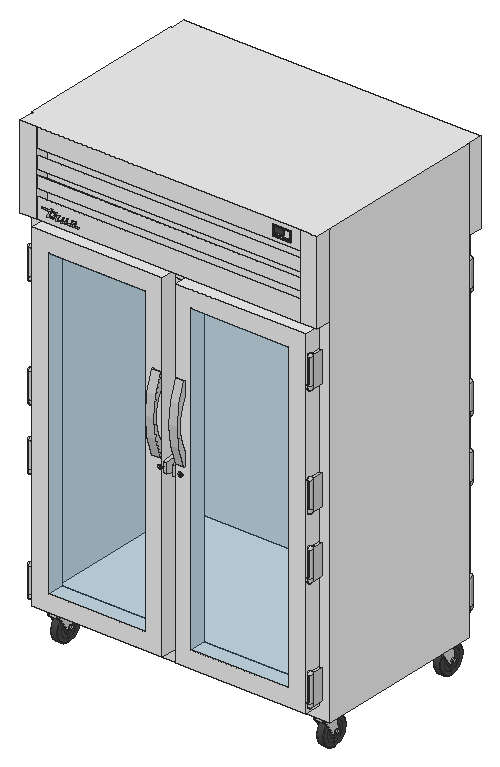
Revit family (continued)
Lines and regions (in)
  symbolic lines
    curve 1: line (0, 0, 0) -> (52.625, 0, 0)
    curve 2: line (0, -36.125, 0) -> (0, 0, 0)
    curve 3: line (52.625, -36.125, 0) -> (0, -36.125, 0)
    curve 4: line (52.625, 0, 0) -> (52.625, -36.125, 0)
    curve 5: line (52.625, -33.875, 0) -> (0, -33.875, 0)
    curve 26: line (23.51925, -37.76905, 0) -> (23.51925, -36.125, 0)
    curve 27: line (23.51925, -37.76905, 0) -> (25.01925, -37.76905, 0)
    curve 28: line (25.01925, -36.125, 0) -> (25.01925, -37.76905, 0)
    curve 29: line (29.18388, -37.76905, 0) -> (29.18388, -36.125, 0)
    curve 30: line (29.18388, -37.76905, 0) -> (27.68388, -37.76905, 0)
    curve 31: line (27.68388, -36.125, 0) -> (27.68388, -37.76905, 0)
    curve 32: arc (20.275, 0.2, 0) -> (13.70938, 1.55018, 0) -> (7.14375, 0.2, 0) r 16.63863
    curve 33: line (20.275, 0, 0) -> (20.275, 0.2, 0)
    curve 34: line (7.14375, 0.2, 0) -> (7.14375, 0, 0)
    curve 35: arc (9.54375, 0, 0) -> (13.70938, 1.04513, 0) -> (17.875, 0, 0) r 8.82412
    curve 36: arc (32.2875, 0.2, 0) -> (39.0875, 1.64405, 0) -> (45.8875, 0.2, 0) r 16.7325
    curve 37: line (32.2875, 0, 0) -> (32.2875, 0.2, 0)
    curve 38: line (45.8875, 0.2, 0) -> (45.8875, 0, 0)
    curve 39: arc (43.4875, 0, 0) -> (39.0875, 1.15816, 0) -> (34.6875, 0, 0) r 8.93715
    curve 44: line (52.625, -2.25, 0) -> (0, -2.25, 0)
  symbolic lines, style "SpecialityEquipmentHiddenLines", visible <- "Show Casters"
    curve 6: line (3.60602, -26.67571, 0) -> (5.06131, -27.42571, 0)
    curve 7: line (1.20097, -31.34243, 0) -> (3.60602, -26.67571, 0)
    curve 8: line (2.65626, -32.09243, 0) -> (1.20097, -31.34243, 0)
    curve 9: line (5.06131, -27.42571, 0) -> (2.65626, -32.09243, 0)
    curve 10: line (3.98222, -3.1708, 0) -> (5.43751, -4.09689, 0)
    curve 11: line (1.20097, -7.54134, 0) -> (3.98222, -3.1708, 0)
    curve 12: line (2.65626, -8.46743, 0) -> (1.20097, -7.54134, 0)
    curve 13: line (5.43751, -4.09689, 0) -> (2.65626, -8.46743, 0)
    curve 14: line (50.00722, -3.1708, 0) -> (51.30626, -3.9208, 0)
    curve 15: line (47.38222, -7.71743, 0) -> (50.00722, -3.1708, 0)
    curve 16: line (48.68126, -8.46743, 0) -> (47.38222, -7.71743, 0)
    curve 17: line (51.30626, -3.9208, 0) -> (48.68126, -8.46743, 0)
    curve 18: line (50.00722, -26.89987, 0) -> (51.30626, -27.64987, 0)
    curve 19: line (47.38222, -31.44651, 0) -> (50.00722, -26.89987, 0)
    curve 20: line (48.68126, -32.19651, 0) -> (47.38222, -31.44651, 0)
    curve 21: line (51.30626, -27.64987, 0) -> (48.68126, -32.19651, 0)
  symbolic lines, style "QF-Door Swings", visible <- "Show Clearance", detail levels coarse
    curve 22: line (50.53125, -36.125, 0) -> (50.53125, -59.0625, 0)
    curve 23: arc (50.53125, -59.0625, 0) -> (34.31199, -52.34426, 0) -> (27.59375, -36.125, 0) r 22.9375
    curve 24: line (2.25, -36.125, 0) -> (2.25, -59.0625, 0)
    curve 25: arc (2.25, -59.0625, 0) -> (18.46926, -52.34426, 0) -> (25.1875, -36.125, 0) r 22.9375
    curve 40: line (50.53125, 0, 0) -> (50.53125, 22.9375, 0)
    curve 41: arc (50.53125, 22.9375, 0) -> (34.31199, 16.21926, 0) -> (27.59375, 0, 0) r 22.9375
    curve 42: line (2.25, 0, 0) -> (2.25, 22.9375, 0)
    curve 43: arc (2.25, 22.9375, 0) -> (18.46926, 16.21926, 0) -> (25.1875, 0, 0) r 22.9375
Dimensions and locks (in)
  "Depth": plane 5 "FRONT" to plane 1 "BACK"
  plane 7 to level = 6 1/8"
  plane 6 "TOP" to level = 84 1/8"
  plane 6 "TOP" to plane 7 = 78"
  Extrusion 6 to plane 1 "BACK" = 36 1/8"
  "Length": plane 3 "LEFT" to plane 4 "RIGHT"
  plane 4 "RIGHT" to plane 10 to plane 9 to plane 3 "LEFT" = 2 11/16", 46 15/16", 3"
  plane 4 "RIGHT" to plane 3 "LEFT" = 52 5/8"  (x3)
  Extrusion 6 to Extrusion 6 to plane 3 "LEFT" = 22 15/16", 2 1/4"
  plane 4 "RIGHT" to Extrusion 6 to Extrusion 6 = 2 3/32", 22 15/16"
  Extrusion 6 to plane 7 = 1 29/32"
  cut or joined group of Extrusion 1, Extrusion 2, Extrusion 3, Extrusion 4, Extrusion 5 to Extrusion 6 = 1 17/32"
  equal spacing: plane 3 "LEFT", plane 12, plane 4 "RIGHT"
  equal spacing: plane 1 "BACK", plane 14, plane 5 "FRONT"
  cut or joined group of Extrusion 1, Extrusion 2, Extrusion 3, Extrusion 4, Extrusion 5 to cut or joined group of Extrusion 1, Extrusion 2, Extrusion 3, Extrusion 4, Extrusion 5 = 52 15/32"
  Extrusion 64 to Extrusion 64 = 22 15/16"  (x2)
  locked: Extrusion 64 to Extrusion 92 at 29.21875
  locked: Extrusion 92 to Extrusion 64 at 29.21875
  locked: Extrusion 93 to Extrusion 64 at 29.15625
  locked: Extrusion 64 to Extrusion 93 at 29.28125
  aligned and locked: level to plane 2
Automatic sketch dimensions
  Extrusion 1 sketch curve to plane 3 "LEFT" = 0"
  Extrusion 1 sketch curve to plane 9 = 19/32"
  Extrusion 1 sketch curve to plane 5 "FRONT" = 2 3/4"
  plane 1 "BACK" to Extrusion 1 sketch curve = 2 3/4"
  Extrusion 2 sketch curve to plane 4 "RIGHT" = 0"
  plane 10 to Extrusion 2 sketch curve = 7/16"
  Extrusion 2 sketch curve to plane 5 "FRONT" = 2 3/4"
  plane 1 "BACK" to Extrusion 2 sketch curve = 2 3/4"
  Extrusion 3 sketch curve to plane 11 = 0"  (x4)
  Extrusion 3 sketch curve to plane 13 = 0"  (x4)
  Extrusion 3 sketch curve to plane 6 "TOP" = 0"
  plane 11 to Extrusion 3 sketch curve = 2.2042"
  Extrusion 3 sketch curve to Extrusion 3 sketch curve = 0"  (x3)
  Extrusion 3 sketch curve to plane 7 = 0"
  plane 11 to Extrusion 3 sketch curve = 2.7042"  (x2)
  plane 13 to Extrusion 3 sketch curve = 2.7042"  (x2)
  plane 13 to Extrusion 3 sketch curve = 2.2042"  (x2)
  plane 7 to Extrusion 3 sketch curve = 2 29/32"
  Extrusion 3 sketch curve to plane 6 "TOP" = 17 5/32"
  Extrusion 3 sketch curve to Extrusion 3 sketch curve = 2 17/32"  (x2)
  Extrusion 3 sketch curve to Extrusion 3 sketch curve = 2 1/8"  (x2)
  Extrusion 3 sketch curve to Extrusion 3 sketch curve = 1.27557"  (x4)
  Extrusion 3 sketch curve to Extrusion 3 sketch curve = 0.29169"  (x2)
  Extrusion 3 sketch curve to Extrusion 3 sketch curve = 2.0962"  (x4)
  Extrusion 3 sketch curve to Extrusion 3 sketch curve = 0.96076"  (x4)
  Extrusion 3 sketch curve to Extrusion 3 sketch curve = 2.13371"  (x4)
  Extrusion 3 sketch curve to Extrusion 3 sketch curve = 1.12227"  (x4)
  plane 1 "BACK" to Extrusion 4 sketch curve = 0"
  plane 5 "FRONT" to Extrusion 4 sketch curve = 0"
  Extrusion 4 sketch curve to plane 10 = 0.27718"  (x2)
  Extrusion 4 sketch curve to plane 4 "RIGHT" = 5/64"
  Extrusion 4 sketch curve to plane 4 "RIGHT" = 0.15218"
  Extrusion 4 sketch curve to plane 5 "FRONT" = 2 3/4"
  Extrusion 4 sketch curve to Extrusion 4 sketch curve = 2 3/4"
  plane 1 "BACK" to Extrusion 5 sketch curve = 0"
  plane 5 "FRONT" to Extrusion 5 sketch curve = 0"
  plane 3 "LEFT" to Extrusion 5 sketch curve = 0.11609"
  plane 3 "LEFT" to Extrusion 5 sketch curve = 5/64"
  plane 9 to Extrusion 5 sketch curve = 0.08484"  (x2)
  Extrusion 5 sketch curve to plane 5 "FRONT" = 2 3/4"
  Extrusion 5 sketch curve to Extrusion 5 sketch curve = 2 3/4"
  Extrusion 6 sketch curve to plane 9 = 3/4"
  plane 9 to Extrusion 6 sketch curve = 2 1/4"
  Extrusion 6 sketch curve to plane 10 = 2 13/32"
  plane 10 to Extrusion 6 sketch curve = 19/32"
  plane 7 to Extrusion 6 sketch curve = 1 29/32"  (x2)
  Extrusion 6 sketch curve to Extrusion 6 sketch curve = 3"  (x3)
  Extrusion 6 sketch curve to plane 6 "TOP" = 19 5/32"  (x2)
  Extrusion 6 sketch curve to Extrusion 6 sketch curve = 0"
  Extrusion 7 sketch curve to plane 12 = 1 125/256"
  Extrusion 7 sketch curve to Extrusion 7 sketch curve = 9/256"
  Extrusion 7 sketch curve to Extrusion 7 sketch curve = 0.0555"  (x2)
  Extrusion 7 sketch curve to plane 8 = 2.0734"
  Extrusion 7 sketch curve to Extrusion 7 sketch curve = 0.02035"
  plane 7 to Extrusion 7 sketch curve = 31.64395"
  Extrusion 7 sketch curve to Extrusion 7 sketch curve = 0"
  Extrusion 7 sketch curve to Extrusion 7 sketch curve = 0.29355"  (x2)
  Extrusion 7 sketch curve to Extrusion 7 sketch curve = 0.27385"  (x2)
  plane 9 to Extrusion 8 sketch curve = 0.84582"
  Extrusion 8 sketch curve to Extrusion 8 sketch curve = 0.10565"  (x5)
  Extrusion 8 sketch curve to Extrusion 8 sketch curve = 1.03891"
  Extrusion 8 sketch curve to Extrusion 8 sketch curve = 0.04606"
  Extrusion 8 sketch curve to Extrusion 8 sketch curve = 0.04025"
  Extrusion 8 sketch curve to Extrusion 8 sketch curve = 0.33624"
  Extrusion 8 sketch curve to Extrusion 8 sketch curve = 0.03034"  (x2)
  Extrusion 8 sketch curve to Extrusion 8 sketch curve = 0.29274"
  Extrusion 8 sketch curve to Extrusion 8 sketch curve = 0.03232"
  Extrusion 8 sketch curve to Extrusion 8 sketch curve = 0.08083"
  Extrusion 8 sketch curve to Extrusion 8 sketch curve = 0.1527"
  Extrusion 8 sketch curve to Extrusion 8 sketch curve = 0.19721"
  Extrusion 8 sketch curve to Extrusion 8 sketch curve = 0.4629"
  Extrusion 8 sketch curve to Extrusion 8 sketch curve = 0.02197"
  Extrusion 8 sketch curve to Extrusion 8 sketch curve = 0.12632"
  Extrusion 8 sketch curve to Extrusion 8 sketch curve = 0.18591"
  Extrusion 8 sketch curve to Extrusion 8 sketch curve = 0.2322"
  Extrusion 8 sketch curve to Extrusion 8 sketch curve = 0.13786"
  Extrusion 8 sketch curve to Extrusion 8 sketch curve = 0.00907"
  Extrusion 8 sketch curve to Extrusion 8 sketch curve = 0.01413"
  Extrusion 8 sketch curve to Extrusion 8 sketch curve = 0.37162"
  Extrusion 8 sketch curve to Extrusion 8 sketch curve = 0.12551"
  Extrusion 8 sketch curve to Extrusion 8 sketch curve = 0.07633"
  Extrusion 8 sketch curve to Extrusion 8 sketch curve = 0.08445"
  Extrusion 8 sketch curve to Extrusion 8 sketch curve = 0.25598"
  Extrusion 8 sketch curve to Extrusion 8 sketch curve = 0.01887"
  Extrusion 8 sketch curve to Extrusion 8 sketch curve = 0.04061"
  Extrusion 8 sketch curve to Extrusion 8 sketch curve = 0.0653"
  Extrusion 8 sketch curve to Extrusion 8 sketch curve = 0.08474"
  Extrusion 8 sketch curve to Extrusion 8 sketch curve = 0.00815"
  Extrusion 8 sketch curve to Extrusion 8 sketch curve = 0.22037"
  Extrusion 8 sketch curve to Extrusion 8 sketch curve = 0.21921"
  Extrusion 8 sketch curve to Extrusion 8 sketch curve = 0.11572"
  Extrusion 8 sketch curve to Extrusion 8 sketch curve = 0.46643"
  Extrusion 8 sketch curve to Extrusion 8 sketch curve = 0.00535"
  Extrusion 8 sketch curve to Extrusion 8 sketch curve = 0.09269"
  Extrusion 8 sketch curve to Extrusion 8 sketch curve = 0.09348"
  Extrusion 8 sketch curve to Extrusion 8 sketch curve = 0.14812"
  Extrusion 8 sketch curve to Extrusion 8 sketch curve = 0.07778"  (x3)
  Extrusion 8 sketch curve to Extrusion 8 sketch curve = 0.20054"
  Extrusion 8 sketch curve to Extrusion 8 sketch curve = 0.04325"
  Extrusion 8 sketch curve to Extrusion 8 sketch curve = 0.32433"
  Extrusion 8 sketch curve to Extrusion 8 sketch curve = 0.10233"  (x2)
  Extrusion 8 sketch curve to Extrusion 8 sketch curve = 0.16515"
  Extrusion 8 sketch curve to Extrusion 8 sketch curve = 0.27321"
  Extrusion 8 sketch curve to Extrusion 8 sketch curve = 0.0526"
  Extrusion 8 sketch curve to Extrusion 8 sketch curve = 0.10005"
  Extrusion 8 sketch curve to Extrusion 8 sketch curve = 0.06912"
  Extrusion 8 sketch curve to Extrusion 8 sketch curve = 0.13276"
  Extrusion 8 sketch curve to Extrusion 8 sketch curve = 0.17486"
  Extrusion 8 sketch curve to Extrusion 8 sketch curve = 0.05291"
  Extrusion 8 sketch curve to Extrusion 8 sketch curve = 0.53374"
  Extrusion 8 sketch curve to Extrusion 8 sketch curve = 0.09914"  (x2)
  Extrusion 8 sketch curve to Extrusion 8 sketch curve = 0.15992"
  Extrusion 8 sketch curve to Extrusion 8 sketch curve = 0.46666"
  Extrusion 8 sketch curve to Extrusion 8 sketch curve = 0.00582"
  Extrusion 8 sketch curve to Extrusion 8 sketch curve = 0.08216"
  Extrusion 8 sketch curve to Extrusion 8 sketch curve = 0.16397"
  Extrusion 8 sketch curve to Extrusion 8 sketch curve = 0.12601"
  Extrusion 8 sketch curve to Extrusion 8 sketch curve = 0.1363"
  Extrusion 8 sketch curve to Extrusion 8 sketch curve = 0.02323"
  Extrusion 8 sketch curve to Extrusion 8 sketch curve = 0.03844"
  Extrusion 8 sketch curve to Extrusion 8 sketch curve = 0.0454"
  Extrusion 8 sketch curve to Extrusion 8 sketch curve = 0.05693"
  Extrusion 8 sketch curve to Extrusion 8 sketch curve = 0.0917"
  Extrusion 8 sketch curve to Extrusion 8 sketch curve = 0.01902"
  Extrusion 8 sketch curve to Extrusion 8 sketch curve = 0.02191"
  Extrusion 8 sketch curve to Extrusion 8 sketch curve = 0.0347"
  Extrusion 8 sketch curve to Extrusion 8 sketch curve = 0.06385"
  Extrusion 8 sketch curve to Extrusion 8 sketch curve = 0.02906"
  Extrusion 8 sketch curve to Extrusion 8 sketch curve = 0.02851"
  Extrusion 8 sketch curve to Extrusion 8 sketch curve = 0.29237"
  Extrusion 8 sketch curve to Extrusion 8 sketch curve = 0.00537"
  Extrusion 8 sketch curve to Extrusion 8 sketch curve = 0.0406"
  Extrusion 8 sketch curve to Extrusion 8 sketch curve = 0.04327"
  Extrusion 8 sketch curve to Extrusion 8 sketch curve = 0.02615"
  Extrusion 8 sketch curve to Extrusion 8 sketch curve = 0.11806"
  Extrusion 8 sketch curve to Extrusion 8 sketch curve = 0.15103"
  Extrusion 8 sketch curve to Extrusion 8 sketch curve = 0.10007"
  Extrusion 8 sketch curve to Extrusion 8 sketch curve = 0.5254"
  Extrusion 8 sketch curve to Extrusion 8 sketch curve = 0.14787"
  Extrusion 8 sketch curve to plane 6 "TOP" = 13.64562"
  Extrusion 8 sketch curve to Extrusion 8 sketch curve = 0.07275"
  Extrusion 8 sketch curve to Extrusion 8 sketch curve = 0.05776"
  Extrusion 8 sketch curve to Extrusion 8 sketch curve = 0.08631"
  Extrusion 8 sketch curve to Extrusion 8 sketch curve = 0.09282"
  Extrusion 8 sketch curve to Extrusion 8 sketch curve = 0.13018"
  Extrusion 8 sketch curve to Extrusion 8 sketch curve = 0.16714"
  Extrusion 8 sketch curve to Extrusion 8 sketch curve = 0.11061"
  Extrusion 8 sketch curve to Extrusion 8 sketch curve = 0.06046"
  Extrusion 8 sketch curve to Extrusion 8 sketch curve = 0.16548"
  Extrusion 8 sketch curve to Extrusion 8 sketch curve = 0.14279"
  Extrusion 8 sketch curve to Extrusion 8 sketch curve = 0.0496"
  Extrusion 8 sketch curve to Extrusion 8 sketch curve = 0.07293"
  Extrusion 8 sketch curve to Extrusion 8 sketch curve = 0.07764"
  Extrusion 8 sketch curve to Extrusion 8 sketch curve = 0.03794"
  Extrusion 8 sketch curve to Extrusion 8 sketch curve = 0.08552"
  Extrusion 8 sketch curve to Extrusion 8 sketch curve = 0.09296"
  Extrusion 8 sketch curve to Extrusion 8 sketch curve = 0.09314"
  Extrusion 8 sketch curve to Extrusion 8 sketch curve = 0.02781"
  Extrusion 8 sketch curve to Extrusion 8 sketch curve = 0.04981"
  Extrusion 8 sketch curve to Extrusion 8 sketch curve = 0.09315"
  Extrusion 8 sketch curve to Extrusion 8 sketch curve = 0.04799"
  Extrusion 8 sketch curve to Extrusion 8 sketch curve = 0.02531"
  Extrusion 8 sketch curve to Extrusion 8 sketch curve = 0.03054"
  Extrusion 8 sketch curve to Extrusion 8 sketch curve = 0.2589"
  Extrusion 8 sketch curve to Extrusion 8 sketch curve = 0.0674"
  Extrusion 8 sketch curve to Extrusion 8 sketch curve = 0.0324"
  Extrusion 8 sketch curve to Extrusion 8 sketch curve = 0.26185"
  Extrusion 8 sketch curve to Extrusion 8 sketch curve = 11/256"
  Extrusion 8 sketch curve to Extrusion 8 sketch curve = 0.07366"
  Extrusion 8 sketch curve to Extrusion 8 sketch curve = 0.02187"
  Extrusion 8 sketch curve to Extrusion 8 sketch curve = 0.06479"
  Extrusion 8 sketch curve to Extrusion 8 sketch curve = 0.01183"
  Extrusion 8 sketch curve to Extrusion 8 sketch curve = 0.05778"
  Extrusion 8 sketch curve to Extrusion 8 sketch curve = 0.53375"
  Extrusion 8 sketch curve to Extrusion 8 sketch curve = 0.23098"
  Extrusion 8 sketch curve to Extrusion 8 sketch curve = 0"
  Extrusion 8 sketch curve to Extrusion 8 sketch curve = 0.05045"
  Extrusion 8 sketch curve to Extrusion 8 sketch curve = 0.09139"
  Extrusion 8 sketch curve to Extrusion 8 sketch curve = 29/128"  (x3)
  Extrusion 9 sketch curve to plane 10 = 13/32"
  Extrusion 9 sketch curve to plane 6 "TOP" = 2 1/8"
  plane 5 "FRONT" to Extrusion 10 sketch curve = 0.2"  (x2)
  plane 5 "FRONT" to Extrusion 10 sketch curve = 0"  (x2)
  Extrusion 10 sketch curve to plane 5 "FRONT" = 7.77899"
  Extrusion 10 sketch curve to plane 14 = 2.97406"
  Extrusion 10 sketch curve to plane 6 "TOP" = 30.96833"
  Extrusion 10 sketch curve to Extrusion 10 sketch curve = 2.4"
  Extrusion 10 sketch curve to Extrusion 10 sketch curve = 4.4"
  Extrusion 10 sketch curve to Extrusion 10 sketch curve = 0"
  Blend 11 sketch curve to plane 12 = 1 1/8"  (x2)
  Blend 11 sketch curve to plane 12 = 3/8"
  plane 7 to Blend 11 sketch curve = 31.11669"
  Blend 11 sketch curve to Blend 11 sketch curve = 1 3/4"
  Blend 11 sketch curve to plane 12 = 0.19277"
  plane 7 to Blend 11 sketch curve = 30.5191"
  Blend 11 sketch curve to Blend 11 sketch curve = 2.78233"
  Blend 12 sketch curve to plane 8 = 1 9/32"
  Blend 12 sketch curve to plane 8 = 17/32"
  plane 7 to Blend 12 sketch curve = 32.86669"
  Blend 12 sketch curve to Blend 12 sketch curve = 1 3/4"
  plane 8 to Blend 12 sketch curve = 1 9/32"
  plane 8 to Blend 12 sketch curve = 0.34902"
  Blend 12 sketch curve to plane 7 = 30.5191"
  Blend 12 sketch curve to Blend 12 sketch curve = 2.78233"
  Extrusion 13 sketch curve to plane 5 "FRONT" = 1/2"
  Extrusion 13 sketch curve to Extrusion 13 sketch curve = 0.43503"
  Extrusion 13 sketch curve to Extrusion 13 sketch curve = 0.20453"
  Extrusion 13 sketch curve to Extrusion 13 sketch curve = 1.61044"
  Extrusion 13 sketch curve to plane 6 "TOP" = 24.88873"
  Extrusion 13 sketch curve to Extrusion 13 sketch curve = 0.71221"
  Extrusion 13 sketch curve to Extrusion 13 sketch curve = 4.39928"
  Revolve 14 sketch curve to plane 5 "FRONT" = 0.07771"  (x2)
  Revolve 14 sketch curve to Revolve 14 sketch curve = 0.38242"
  Revolve 14 sketch curve to Revolve 14 sketch curve = 0.38436"
  Revolve 14 sketch curve to plane 5 "FRONT" = 31/64"
  Revolve 14 sketch curve to Revolve 14 sketch curve = 0.40666"
  Revolve 14 sketch curve to Revolve 14 sketch curve = 0"
  Revolve 14 sketch curve to plane 6 "TOP" = 25.07719"
  Revolve 14 sketch curve to Revolve 14 sketch curve = 0.32931"
  Revolve 14 sketch curve to Revolve 14 sketch curve = 0.51246"
  Revolve 14 sketch curve to Revolve 14 sketch curve = 0.05342"
  Revolve 14 sketch curve to Revolve 14 sketch curve = 4.42889"
  Revolve 14 sketch curve to Revolve 14 sketch curve = 0.04281"
  Revolve 14 sketch curve to Revolve 14 sketch curve = 0.18929"
  Revolve 14 sketch curve to Revolve 14 sketch curve = 0.55526"
  Extrusion 15 sketch curve to plane 9 = 1.14759"
  Extrusion 15 sketch curve to Extrusion 15 sketch curve = 0.39759"
  Extrusion 15 sketch curve to plane 6 "TOP" = 24.12421"
  Extrusion 15 sketch curve to Extrusion 15 sketch curve = 4.47281"
  Extrusion 16 sketch curve to plane 5 "FRONT" = 1/2"
  Extrusion 16 sketch curve to Extrusion 16 sketch curve = 0.43503"
  Extrusion 16 sketch curve to Extrusion 16 sketch curve = 0.20453"
  Extrusion 16 sketch curve to Extrusion 16 sketch curve = 1.61044"
  plane 7 to Extrusion 16 sketch curve = 33.61127"
  Extrusion 16 sketch curve to Extrusion 16 sketch curve = 0.71221"
  Extrusion 16 sketch curve to Extrusion 16 sketch curve = 4.39928"
  Revolve 17 sketch curve to plane 5 "FRONT" = 0.07771"  (x2)
  Revolve 17 sketch curve to Revolve 17 sketch curve = 0.38242"
  Revolve 17 sketch curve to Revolve 17 sketch curve = 0.38436"
  Revolve 17 sketch curve to plane 5 "FRONT" = 31/64"
  Revolve 17 sketch curve to Revolve 17 sketch curve = 0.40666"
  Revolve 17 sketch curve to Revolve 17 sketch curve = 0"
  plane 7 to Revolve 17 sketch curve = 33.42281"
  Revolve 17 sketch curve to Revolve 17 sketch curve = 0.32931"
  Revolve 17 sketch curve to Revolve 17 sketch curve = 0.51246"
  Revolve 17 sketch curve to Revolve 17 sketch curve = 0.05342"
  Revolve 17 sketch curve to Revolve 17 sketch curve = 4.42889"
  Revolve 17 sketch curve to Revolve 17 sketch curve = 0.04281"
  Revolve 17 sketch curve to Revolve 17 sketch curve = 0.18929"
  Revolve 17 sketch curve to Revolve 17 sketch curve = 0.55526"
  Extrusion 18 sketch curve to plane 9 = 1.14759"
  Extrusion 18 sketch curve to Extrusion 18 sketch curve = 0.39759"
  plane 7 to Extrusion 18 sketch curve = 34.37579"
  Extrusion 18 sketch curve to Extrusion 18 sketch curve = 4.47281"
  Extrusion 19 sketch curve to plane 5 "FRONT" = 1/2"
  Extrusion 19 sketch curve to Extrusion 19 sketch curve = 0.43503"
  Extrusion 19 sketch curve to Extrusion 19 sketch curve = 0.20453"
  Extrusion 19 sketch curve to Extrusion 19 sketch curve = 1.61044"
  plane 7 to Extrusion 19 sketch curve = 22.61127"
  Extrusion 19 sketch curve to Extrusion 19 sketch curve = 0.71221"
  Extrusion 19 sketch curve to Extrusion 19 sketch curve = 4.39928"
  Revolve 20 sketch curve to plane 5 "FRONT" = 0.07771"  (x2)
  Revolve 20 sketch curve to Revolve 20 sketch curve = 0.38242"
  Revolve 20 sketch curve to Revolve 20 sketch curve = 0.38436"
  Revolve 20 sketch curve to plane 5 "FRONT" = 31/64"
  Revolve 20 sketch curve to Revolve 20 sketch curve = 0.40666"
  Revolve 20 sketch curve to Revolve 20 sketch curve = 0"
  plane 7 to Revolve 20 sketch curve = 22.42281"
  Revolve 20 sketch curve to Revolve 20 sketch curve = 0.32931"
  Revolve 20 sketch curve to Revolve 20 sketch curve = 0.51246"
  Revolve 20 sketch curve to Revolve 20 sketch curve = 0.05342"
  Revolve 20 sketch curve to Revolve 20 sketch curve = 4.42889"
  Revolve 20 sketch curve to Revolve 20 sketch curve = 0.04281"
  Revolve 20 sketch curve to Revolve 20 sketch curve = 0.18929"
  Revolve 20 sketch curve to Revolve 20 sketch curve = 0.55526"
  Extrusion 21 sketch curve to plane 9 = 1.14759"
  Extrusion 21 sketch curve to Extrusion 21 sketch curve = 0.39759"
  plane 7 to Extrusion 21 sketch curve = 23.37579"
  Extrusion 21 sketch curve to Extrusion 21 sketch curve = 4.47281"
  Extrusion 22 sketch curve to plane 5 "FRONT" = 1/2"
  Extrusion 22 sketch curve to Extrusion 22 sketch curve = 0.43503"
  Extrusion 22 sketch curve to Extrusion 22 sketch curve = 0.20453"
  Extrusion 22 sketch curve to Extrusion 22 sketch curve = 1.61044"
  plane 7 to Extrusion 22 sketch curve = 2.86127"
  Extrusion 22 sketch curve to Extrusion 22 sketch curve = 0.71221"
  Extrusion 22 sketch curve to Extrusion 22 sketch curve = 4.39928"
  Revolve 23 sketch curve to plane 5 "FRONT" = 0.07771"  (x2)
  Revolve 23 sketch curve to Revolve 23 sketch curve = 0.38242"
  Revolve 23 sketch curve to Revolve 23 sketch curve = 0.38436"
  Revolve 23 sketch curve to plane 5 "FRONT" = 31/64"
  Revolve 23 sketch curve to Revolve 23 sketch curve = 0.40666"
  Revolve 23 sketch curve to Revolve 23 sketch curve = 0"
  plane 7 to Revolve 23 sketch curve = 2.67281"
  Revolve 23 sketch curve to Revolve 23 sketch curve = 0.32931"
  Revolve 23 sketch curve to Revolve 23 sketch curve = 0.51246"
  Revolve 23 sketch curve to Revolve 23 sketch curve = 0.05342"
  Revolve 23 sketch curve to Revolve 23 sketch curve = 4.42889"
  Revolve 23 sketch curve to Revolve 23 sketch curve = 0.04281"
  Revolve 23 sketch curve to Revolve 23 sketch curve = 0.18929"
  Revolve 23 sketch curve to Revolve 23 sketch curve = 0.55526"
  Extrusion 24 sketch curve to plane 9 = 1.14759"
  Extrusion 24 sketch curve to Extrusion 24 sketch curve = 0.39759"
  plane 7 to Extrusion 24 sketch curve = 3.62579"
  Extrusion 24 sketch curve to Extrusion 24 sketch curve = 4.47281"
  Extrusion 25 sketch curve to plane 5 "FRONT" = 1/2"
  Extrusion 25 sketch curve to Extrusion 25 sketch curve = 0.43503"
  Extrusion 25 sketch curve to Extrusion 25 sketch curve = 0.20453"
  Extrusion 25 sketch curve to Extrusion 25 sketch curve = 1.61044"
  Extrusion 25 sketch curve to plane 6 "TOP" = 19.57271"
  Extrusion 25 sketch curve to Extrusion 25 sketch curve = 4.39928"
  Extrusion 25 sketch curve to Extrusion 25 sketch curve = 0.71221"
  Revolve 26 sketch curve to plane 5 "FRONT" = 0.07771"  (x2)
  Revolve 26 sketch curve to Revolve 26 sketch curve = 0.38242"
  Revolve 26 sketch curve to Revolve 26 sketch curve = 0.38436"
  Revolve 26 sketch curve to plane 5 "FRONT" = 31/64"
  Revolve 26 sketch curve to Revolve 26 sketch curve = 0.40666"
  Revolve 26 sketch curve to Revolve 26 sketch curve = 0"
  Revolve 26 sketch curve to plane 6 "TOP" = 18.75492"
  Revolve 26 sketch curve to Revolve 26 sketch curve = 0.55526"
  Revolve 26 sketch curve to Revolve 26 sketch curve = 0.19474"
  Revolve 26 sketch curve to Revolve 26 sketch curve = 0.14649"
  Revolve 26 sketch curve to Revolve 26 sketch curve = 4.42889"
  Revolve 26 sketch curve to Revolve 26 sketch curve = 0.05342"
  Revolve 26 sketch curve to Revolve 26 sketch curve = 0.51246"
  Revolve 26 sketch curve to Revolve 26 sketch curve = 0.05889"
  plane 10 to Extrusion 27 sketch curve = 0.99134"
  Extrusion 27 sketch curve to Extrusion 27 sketch curve = 0.39759"
  Extrusion 27 sketch curve to plane 6 "TOP" = 19.6514"
  Extrusion 27 sketch curve to Extrusion 27 sketch curve = 4.47281"
  Extrusion 28 sketch curve to plane 5 "FRONT" = 1/2"
  Extrusion 28 sketch curve to Extrusion 28 sketch curve = 0.43503"
  Extrusion 28 sketch curve to Extrusion 28 sketch curve = 0.20453"
  Extrusion 28 sketch curve to Extrusion 28 sketch curve = 1.61044"
  plane 7 to Extrusion 28 sketch curve = 38.92729"
  Extrusion 28 sketch curve to Extrusion 28 sketch curve = 4.39928"
  Extrusion 28 sketch curve to Extrusion 28 sketch curve = 0.71221"
  Revolve 29 sketch curve to plane 5 "FRONT" = 0.07771"  (x2)
  Revolve 29 sketch curve to Revolve 29 sketch curve = 0.38242"
  Revolve 29 sketch curve to Revolve 29 sketch curve = 0.38436"
  Revolve 29 sketch curve to plane 5 "FRONT" = 31/64"
  Revolve 29 sketch curve to Revolve 29 sketch curve = 0.40666"
  Revolve 29 sketch curve to Revolve 29 sketch curve = 0"
  Revolve 29 sketch curve to plane 6 "TOP" = 38.25492"
  Revolve 29 sketch curve to Revolve 29 sketch curve = 0.55526"
  Revolve 29 sketch curve to Revolve 29 sketch curve = 0.19474"
  Revolve 29 sketch curve to Revolve 29 sketch curve = 0.14649"
  Revolve 29 sketch curve to Revolve 29 sketch curve = 4.42889"
  Revolve 29 sketch curve to Revolve 29 sketch curve = 0.05342"
  Revolve 29 sketch curve to Revolve 29 sketch curve = 0.51246"
  Revolve 29 sketch curve to Revolve 29 sketch curve = 0.05889"
  plane 10 to Extrusion 30 sketch curve = 0.99134"
  Extrusion 30 sketch curve to Extrusion 30 sketch curve = 0.39759"
  plane 7 to Extrusion 30 sketch curve = 38.8486"
  Extrusion 30 sketch curve to Extrusion 30 sketch curve = 4.47281"
  Extrusion 31 sketch curve to plane 5 "FRONT" = 1/2"
  Extrusion 31 sketch curve to Extrusion 31 sketch curve = 0.43503"
  Extrusion 31 sketch curve to Extrusion 31 sketch curve = 0.20453"
  Extrusion 31 sketch curve to Extrusion 31 sketch curve = 1.61044"
  plane 7 to Extrusion 31 sketch curve = 27.92729"
  Extrusion 31 sketch curve to Extrusion 31 sketch curve = 4.39928"
  Extrusion 31 sketch curve to Extrusion 31 sketch curve = 0.71221"
  Revolve 32 sketch curve to plane 5 "FRONT" = 0.07771"  (x2)
  Revolve 32 sketch curve to Revolve 32 sketch curve = 0.38242"
  Revolve 32 sketch curve to Revolve 32 sketch curve = 0.38436"
  Revolve 32 sketch curve to plane 5 "FRONT" = 31/64"
  Revolve 32 sketch curve to Revolve 32 sketch curve = 0.40666"
  Revolve 32 sketch curve to Revolve 32 sketch curve = 0"
  plane 7 to Revolve 32 sketch curve = 28.74508"
  Revolve 32 sketch curve to Revolve 32 sketch curve = 0.55526"
  Revolve 32 sketch curve to Revolve 32 sketch curve = 0.19474"
  Revolve 32 sketch curve to Revolve 32 sketch curve = 0.14649"
  Revolve 32 sketch curve to Revolve 32 sketch curve = 4.42889"
  Revolve 32 sketch curve to Revolve 32 sketch curve = 0.05342"
  Revolve 32 sketch curve to Revolve 32 sketch curve = 0.51246"
  Revolve 32 sketch curve to Revolve 32 sketch curve = 0.05889"
  plane 10 to Extrusion 33 sketch curve = 0.99134"
  Extrusion 33 sketch curve to Extrusion 33 sketch curve = 0.39759"
  plane 7 to Extrusion 33 sketch curve = 27.8486"
  Extrusion 33 sketch curve to Extrusion 33 sketch curve = 4.47281"
  Extrusion 34 sketch curve to plane 5 "FRONT" = 1/2"
  Extrusion 34 sketch curve to Extrusion 34 sketch curve = 0.43503"
  Extrusion 34 sketch curve to Extrusion 34 sketch curve = 0.20453"
  Extrusion 34 sketch curve to Extrusion 34 sketch curve = 1.61044"
  plane 7 to Extrusion 34 sketch curve = 8.17729"
  plane 7 to Extrusion 34 sketch curve = 3.57348"
  Extrusion 34 sketch curve to Extrusion 34 sketch curve = 0.71221"
  Revolve 35 sketch curve to plane 5 "FRONT" = 0.07771"  (x2)
  Revolve 35 sketch curve to Revolve 35 sketch curve = 0.38242"
  Revolve 35 sketch curve to Revolve 35 sketch curve = 0.38436"
  Revolve 35 sketch curve to plane 5 "FRONT" = 31/64"
  Revolve 35 sketch curve to Revolve 35 sketch curve = 0.40666"
  Revolve 35 sketch curve to Revolve 35 sketch curve = 0"
  plane 7 to Revolve 35 sketch curve = 8.99508"
  Revolve 35 sketch curve to Revolve 35 sketch curve = 0.55526"
  Revolve 35 sketch curve to Revolve 35 sketch curve = 0.19474"
  Revolve 35 sketch curve to Revolve 35 sketch curve = 0.14649"
  plane 7 to Revolve 35 sketch curve = 3.62689"
  Revolve 35 sketch curve to Revolve 35 sketch curve = 0.05342"
  Revolve 35 sketch curve to Revolve 35 sketch curve = 0.51246"
  Revolve 35 sketch curve to Revolve 35 sketch curve = 0.05889"
  plane 10 to Extrusion 36 sketch curve = 0.99134"
  Extrusion 36 sketch curve to Extrusion 36 sketch curve = 0.39759"
  plane 7 to Extrusion 36 sketch curve = 8.0986"
  plane 7 to Extrusion 36 sketch curve = 3.62579"
  Revolve 37 sketch curve to plane 10 = 1.50773"
  Revolve 37 sketch curve to Revolve 37 sketch curve = 0.48273"
  Revolve 37 sketch curve to plane 10 = 5/8"  (x2)
  Revolve 37 sketch curve to Revolve 37 sketch curve = 0.1"  (x2)
  Revolve 37 sketch curve to Revolve 37 sketch curve = 0.16101"
  plane 10 to Revolve 37 sketch curve = 0.12908"
  plane 10 to Revolve 37 sketch curve = 0.46399"
  plane 10 to Revolve 37 sketch curve = 0.525"
  Revolve 37 sketch curve to Revolve 37 sketch curve = 1/2"
  Revolve 37 sketch curve to Revolve 37 sketch curve = 0.16509"
  Revolve 37 sketch curve to Revolve 37 sketch curve = 0.39592"
  level to Revolve 37 sketch curve = 2 1/2"
  Revolve 37 sketch curve to Revolve 37 sketch curve = 0"
  Revolve 37 sketch curve to Revolve 37 sketch curve = 0.29941"  (x2)
  Revolve 37 sketch curve to Revolve 37 sketch curve = 3/4"  (x4)
  Revolve 37 sketch curve to Revolve 37 sketch curve = 0.59652"
  Revolve 37 sketch curve to Revolve 37 sketch curve = 0.60059"
  Extrusion 38 sketch curve to plane 7 = 0.63926"  (x2)
  Extrusion 38 sketch curve to plane 5 "FRONT" = 3.79864"
  Extrusion 38 sketch curve to Extrusion 38 sketch curve = 1/4"  (x2)
  level to Extrusion 38 sketch curve = 2.18736"  (x2)
  Extrusion 38 sketch curve to Extrusion 38 sketch curve = 1.7492"
  Extrusion 38 sketch curve to Extrusion 38 sketch curve = 0.50669"  (x2)
  Extrusion 38 sketch curve to Extrusion 38 sketch curve = 2 1/2"
  level to Extrusion 38 sketch curve = 2.59003"
  Extrusion 38 sketch curve to Extrusion 38 sketch curve = 0.59966"  (x2)
  plane 1 "BACK" to Extrusion 38 sketch curve = 6.6077"
  plane 1 "BACK" to Extrusion 38 sketch curve = 4.6085"
  plane 1 "BACK" to Extrusion 38 sketch curve = 3.8577"
  Extrusion 38 sketch curve to Extrusion 38 sketch curve = 0.32905"
  Extrusion 38 sketch curve to Extrusion 38 sketch curve = 0.60485"  (x2)
  Extrusion 39 sketch curve to plane 7 = 0.63926"  (x2)
  Extrusion 39 sketch curve to plane 5 "FRONT" = 3.79864"
  Extrusion 39 sketch curve to Extrusion 39 sketch curve = 1/4"  (x2)
  level to Extrusion 39 sketch curve = 2.18736"  (x2)
  Extrusion 39 sketch curve to Extrusion 39 sketch curve = 1.7492"
  Extrusion 39 sketch curve to Extrusion 39 sketch curve = 0.50669"  (x2)
  Extrusion 39 sketch curve to Extrusion 39 sketch curve = 2 1/2"
  level to Extrusion 39 sketch curve = 2.59003"
  Extrusion 39 sketch curve to Extrusion 39 sketch curve = 0.59966"  (x2)
  plane 1 "BACK" to Extrusion 39 sketch curve = 6.6077"
  plane 1 "BACK" to Extrusion 39 sketch curve = 4.6085"
  plane 1 "BACK" to Extrusion 39 sketch curve = 3.8577"
  Extrusion 39 sketch curve to Extrusion 39 sketch curve = 0.32905"
  Extrusion 39 sketch curve to Extrusion 39 sketch curve = 0.60485"  (x2)
  Revolve 40 sketch curve to plane 10 = 0"  (x2)
  Revolve 40 sketch curve to plane 7 = 0.62954"
  Revolve 40 sketch curve to plane 10 = 1.29707"
  Revolve 40 sketch curve to Revolve 40 sketch curve = 0.10278"
  Revolve 40 sketch curve to plane 7 = 0.00141"
  plane 7 to Revolve 40 sketch curve = 0.26768"
  Revolve 41 sketch curve to level = 0"
  Revolve 41 sketch curve to plane 10 = 0"  (x2)
  Revolve 41 sketch curve to plane 10 = 1/2"
  Revolve 41 sketch curve to Revolve 41 sketch curve = 1/4"
  Revolve 41 sketch curve to plane 7 = 0"
  Revolve 41 sketch curve to Revolve 41 sketch curve = 1.33338"
  level to Revolve 41 sketch curve = 1"
  Revolve 41 sketch curve to Revolve 41 sketch curve = 5/8"
  plane 7 to Revolve 41 sketch curve = 1 25/32"
  Revolve 42 sketch curve to level = 0"
  Revolve 42 sketch curve to plane 10 = 0"  (x2)
  Revolve 42 sketch curve to plane 10 = 1/2"
  Revolve 42 sketch curve to Revolve 42 sketch curve = 1/4"
  Revolve 42 sketch curve to plane 7 = 0"
  Revolve 42 sketch curve to Revolve 42 sketch curve = 1.33338"
  level to Revolve 42 sketch curve = 1"
  Revolve 42 sketch curve to Revolve 42 sketch curve = 5/8"
  plane 7 to Revolve 42 sketch curve = 1 25/32"
  Revolve 43 sketch curve to plane 10 = 0"  (x2)
  Revolve 43 sketch curve to plane 7 = 0.62954"
  Revolve 43 sketch curve to plane 10 = 1.29707"
  Revolve 43 sketch curve to Revolve 43 sketch curve = 0.10278"
  Revolve 43 sketch curve to plane 7 = 0.00141"
  plane 7 to Revolve 43 sketch curve = 0.26768"
  Extrusion 44 sketch curve to plane 7 = 0.63926"  (x2)
  Extrusion 44 sketch curve to plane 5 "FRONT" = 3.79864"
  Extrusion 44 sketch curve to Extrusion 44 sketch curve = 1/4"  (x2)
  Extrusion 44 sketch curve to Extrusion 44 sketch curve = 2 1/2"
  Extrusion 44 sketch curve to plane 7 = 0.93273"  (x2)
  Extrusion 44 sketch curve to Extrusion 44 sketch curve = 0.03603"
  plane 1 "BACK" to Extrusion 44 sketch curve = 6.6077"
  Extrusion 44 sketch curve to plane 7 = 1.24411"
  plane 1 "BACK" to Extrusion 44 sketch curve = 3.8577"
  Revolve 45 sketch curve to plane 10 = 1.50773"
  Revolve 45 sketch curve to Revolve 45 sketch curve = 0.48273"
  Revolve 45 sketch curve to plane 10 = 5/8"  (x2)
  Revolve 45 sketch curve to Revolve 45 sketch curve = 0.1"  (x2)
  Revolve 45 sketch curve to Revolve 45 sketch curve = 0.16101"
  plane 10 to Revolve 45 sketch curve = 0.12908"
  plane 10 to Revolve 45 sketch curve = 0.46399"
  plane 10 to Revolve 45 sketch curve = 0.525"
  Revolve 45 sketch curve to Revolve 45 sketch curve = 1/2"
  Revolve 45 sketch curve to Revolve 45 sketch curve = 0.16509"
  Revolve 45 sketch curve to Revolve 45 sketch curve = 0.39592"
  level to Revolve 45 sketch curve = 2 1/2"
  Revolve 45 sketch curve to Revolve 45 sketch curve = 0"
  Revolve 45 sketch curve to Revolve 45 sketch curve = 0.29941"  (x2)
  Revolve 45 sketch curve to Revolve 45 sketch curve = 3/4"  (x4)
  Revolve 45 sketch curve to Revolve 45 sketch curve = 0.59652"
  Revolve 45 sketch curve to Revolve 45 sketch curve = 0.60059"
  plane 3 "LEFT" to Revolve 46 sketch curve = 1.33602"
  Revolve 46 sketch curve to Revolve 46 sketch curve = 0.48273"
  Revolve 46 sketch curve to plane 9 = 5/8"  (x2)
  Revolve 46 sketch curve to Revolve 46 sketch curve = 0.1"  (x2)
  Revolve 46 sketch curve to Revolve 46 sketch curve = 0.16101"
  plane 9 to Revolve 46 sketch curve = 0.12908"
  plane 9 to Revolve 46 sketch curve = 0.46399"
  plane 9 to Revolve 46 sketch curve = 0.525"
  Revolve 46 sketch curve to Revolve 46 sketch curve = 1/2"
  Revolve 46 sketch curve to Revolve 46 sketch curve = 0.16509"
  Revolve 46 sketch curve to Revolve 46 sketch curve = 0.39592"
  level to Revolve 46 sketch curve = 2 1/2"
  Revolve 46 sketch curve to Revolve 46 sketch curve = 0"
  Revolve 46 sketch curve to Revolve 46 sketch curve = 0.29941"  (x2)
  Revolve 46 sketch curve to Revolve 46 sketch curve = 3/4"  (x4)
  Revolve 46 sketch curve to Revolve 46 sketch curve = 0.59652"
  Revolve 46 sketch curve to Revolve 46 sketch curve = 0.60059"
  Extrusion 47 sketch curve to plane 7 = 0.63926"  (x2)
  Extrusion 47 sketch curve to plane 5 "FRONT" = 3.79864"
  Extrusion 47 sketch curve to Extrusion 47 sketch curve = 1/4"  (x2)
  level to Extrusion 47 sketch curve = 2.18736"  (x2)
  Extrusion 47 sketch curve to Extrusion 47 sketch curve = 1.7492"
  Extrusion 47 sketch curve to Extrusion 47 sketch curve = 0.50669"  (x2)
  Extrusion 47 sketch curve to Extrusion 47 sketch curve = 2 1/2"
  level to Extrusion 47 sketch curve = 2.59003"
  Extrusion 47 sketch curve to Extrusion 47 sketch curve = 0.59966"  (x2)
  plane 1 "BACK" to Extrusion 47 sketch curve = 6.6077"
  plane 1 "BACK" to Extrusion 47 sketch curve = 4.6085"
  plane 1 "BACK" to Extrusion 47 sketch curve = 3.8577"
  Extrusion 47 sketch curve to Extrusion 47 sketch curve = 0.32905"
  Extrusion 47 sketch curve to Extrusion 47 sketch curve = 0.60485"  (x2)
  Extrusion 48 sketch curve to plane 7 = 0.63926"  (x2)
  Extrusion 48 sketch curve to plane 5 "FRONT" = 3.79864"
  Extrusion 48 sketch curve to Extrusion 48 sketch curve = 1/4"  (x2)
  level to Extrusion 48 sketch curve = 2.18736"  (x2)
  Extrusion 48 sketch curve to Extrusion 48 sketch curve = 1.7492"
  Extrusion 48 sketch curve to Extrusion 48 sketch curve = 0.50669"  (x2)
  Extrusion 48 sketch curve to Extrusion 48 sketch curve = 2 1/2"
  level to Extrusion 48 sketch curve = 2.59003"
  Extrusion 48 sketch curve to Extrusion 48 sketch curve = 0.59966"  (x2)
  plane 1 "BACK" to Extrusion 48 sketch curve = 6.6077"
  plane 1 "BACK" to Extrusion 48 sketch curve = 4.6085"
  plane 1 "BACK" to Extrusion 48 sketch curve = 3.8577"
  Extrusion 48 sketch curve to Extrusion 48 sketch curve = 0.32905"
  Extrusion 48 sketch curve to Extrusion 48 sketch curve = 0.60485"  (x2)
  Revolve 49 sketch curve to plane 9 = 0"  (x2)
  Revolve 49 sketch curve to plane 7 = 0.62954"
  Revolve 49 sketch curve to plane 9 = 1.29707"
  Revolve 49 sketch curve to Revolve 49 sketch curve = 0.10278"
  Revolve 49 sketch curve to plane 7 = 0.00141"
  plane 7 to Revolve 49 sketch curve = 0.26768"
  Revolve 50 sketch curve to level = 0"
  Revolve 50 sketch curve to plane 9 = 0"  (x2)
  Revolve 50 sketch curve to plane 9 = 1/2"
  Revolve 50 sketch curve to Revolve 50 sketch curve = 1/4"
  Revolve 50 sketch curve to plane 7 = 0"
  Revolve 50 sketch curve to plane 9 = 1.33338"
  level to Revolve 50 sketch curve = 1"
  Revolve 50 sketch curve to Revolve 50 sketch curve = 5/8"
  plane 7 to Revolve 50 sketch curve = 1 25/32"
  Revolve 51 sketch curve to level = 0"
  Revolve 51 sketch curve to plane 9 = 0"  (x2)
  Revolve 51 sketch curve to plane 9 = 1/2"
  Revolve 51 sketch curve to Revolve 51 sketch curve = 1/4"
  Revolve 51 sketch curve to plane 7 = 0"
  Revolve 51 sketch curve to plane 9 = 1.33338"
  level to Revolve 51 sketch curve = 1"
  Revolve 51 sketch curve to Revolve 51 sketch curve = 5/8"
  plane 7 to Revolve 51 sketch curve = 1 25/32"
  Revolve 52 sketch curve to plane 9 = 0"  (x2)
  Revolve 52 sketch curve to plane 7 = 0.62954"
  Revolve 52 sketch curve to plane 9 = 1.29707"
  Revolve 52 sketch curve to Revolve 52 sketch curve = 0.10278"
  Revolve 52 sketch curve to plane 7 = 0.00141"
  plane 7 to Revolve 52 sketch curve = 0.26768"
  Extrusion 53 sketch curve to plane 7 = 0.63926"  (x2)
  Extrusion 53 sketch curve to plane 5 "FRONT" = 3.79864"
  Extrusion 53 sketch curve to Extrusion 53 sketch curve = 1/4"  (x2)
  Extrusion 53 sketch curve to Extrusion 53 sketch curve = 2 1/2"
  Extrusion 53 sketch curve to plane 7 = 0.93273"  (x2)
  Extrusion 53 sketch curve to Extrusion 53 sketch curve = 0.03603"
  plane 1 "BACK" to Extrusion 53 sketch curve = 6.6077"
  Extrusion 53 sketch curve to plane 7 = 1.24411"
  plane 1 "BACK" to Extrusion 53 sketch curve = 3.8577"
  plane 3 "LEFT" to Revolve 54 sketch curve = 1.33602"
  Revolve 54 sketch curve to Revolve 54 sketch curve = 0.48273"
  Revolve 54 sketch curve to plane 9 = 5/8"  (x2)
  Revolve 54 sketch curve to Revolve 54 sketch curve = 0.1"  (x2)
  Revolve 54 sketch curve to Revolve 54 sketch curve = 0.16101"
  plane 9 to Revolve 54 sketch curve = 0.12908"
  plane 9 to Revolve 54 sketch curve = 0.46399"
  plane 9 to Revolve 54 sketch curve = 0.525"
  Revolve 54 sketch curve to Revolve 54 sketch curve = 1/2"
  Revolve 54 sketch curve to Revolve 54 sketch curve = 0.16509"
  Revolve 54 sketch curve to Revolve 54 sketch curve = 0.39592"
  level to Revolve 54 sketch curve = 2 1/2"
  Revolve 54 sketch curve to Revolve 54 sketch curve = 0"
  Revolve 54 sketch curve to Revolve 54 sketch curve = 0.29941"  (x2)
  Revolve 54 sketch curve to Revolve 54 sketch curve = 3/4"  (x4)
  Revolve 54 sketch curve to Revolve 54 sketch curve = 0.59652"
  Revolve 54 sketch curve to Revolve 54 sketch curve = 0.60059"
  Extrusion 55 sketch curve to plane 6 "TOP" = 2.55982"
  Extrusion 55 sketch curve to plane 10 = 5.12093"
  Extrusion 55 sketch curve to plane 10 = 2.21468"
  Extrusion 55 sketch curve to plane 6 "TOP" = 13/16"
  Extrusion 56 sketch curve to plane 6 "TOP" = 3/4"
  Extrusion 56 sketch curve to plane 10 = 5.18343"
  Extrusion 56 sketch curve to Extrusion 56 sketch curve = 1/16"  (x4)
  Extrusion 56 sketch curve to Extrusion 56 sketch curve = 0.1375"  (x2)
  Extrusion 56 sketch curve to Extrusion 56 sketch curve = 1/4"  (x4)
  Extrusion 56 sketch curve to Extrusion 56 sketch curve = 0.44601"
  Extrusion 56 sketch curve to Extrusion 56 sketch curve = 1/2"  (x2)
  Extrusion 56 sketch curve to Extrusion 56 sketch curve = 0.0035"
  Extrusion 56 sketch curve to Extrusion 56 sketch curve = 1.06923"
  Extrusion 56 sketch curve to plane 6 "TOP" = 0.95"
  Extrusion 56 sketch curve to Extrusion 56 sketch curve = 1"
  Extrusion 56 sketch curve to Extrusion 56 sketch curve = 0.34106"  (x3)
  Extrusion 56 sketch curve to Extrusion 56 sketch curve = 0"
  Extrusion 56 sketch curve to Extrusion 56 sketch curve = 0.26876"
  Extrusion 58 sketch curve to plane 9 = 0"
  Extrusion 58 sketch curve to plane 5 "FRONT" = 5.09023"
  Extrusion 59 sketch curve to plane 9 = 0"
  plane 1 "BACK" to Extrusion 59 sketch curve = 5.44102"
  Extrusion 60 sketch curve to plane 10 = 0"
  plane 1 "BACK" to Extrusion 60 sketch curve = 5.44102"
  Extrusion 61 sketch curve to plane 10 = 0"
  Extrusion 61 sketch curve to plane 5 "FRONT" = 5.09023"
  plane 9 to Extrusion 62 sketch curve = 2 1/4"
  Extrusion 62 sketch curve to plane 12 = 4 1/64"
  Extrusion 62 sketch curve to plane 8 = 3 15/16"
  Extrusion 62 sketch curve to plane 10 = 2 13/32"
  plane 7 to Extrusion 62 sketch curve = 4 29/32"  (x2)
  Extrusion 62 sketch curve to plane 6 "TOP" = 19 5/32"
  Extrusion 62 sketch curve to Extrusion 62 sketch curve = 0"
  plane 5 "FRONT" to Extrusion 63 sketch curve = 0.2"  (x2)
  plane 5 "FRONT" to Extrusion 63 sketch curve = 0"  (x2)
  Extrusion 63 sketch curve to plane 5 "FRONT" = 7.77899"
  Extrusion 63 sketch curve to plane 14 = 2.97406"
  Extrusion 63 sketch curve to plane 6 "TOP" = 30.96833"
  Extrusion 63 sketch curve to Extrusion 63 sketch curve = 2.4"
  Extrusion 63 sketch curve to Extrusion 63 sketch curve = 4.4"
  Extrusion 63 sketch curve to Extrusion 63 sketch curve = 0"
  Extrusion 64 sketch curve to plane 9 = 3/4"
  Extrusion 64 sketch curve to plane 12 = 1 1/8"
  Extrusion 64 sketch curve to plane 8 = 1 9/32"
  plane 10 to Extrusion 64 sketch curve = 19/32"
  Extrusion 64 sketch curve to plane 6 "TOP" = 16 5/32"  (x2)
  plane 7 to Extrusion 64 sketch curve = 1 29/32"  (x2)
  Extrusion 65 sketch curve to plane 12 = 1 125/256"
  Extrusion 65 sketch curve to Extrusion 65 sketch curve = 9/256"
  Extrusion 65 sketch curve to Extrusion 65 sketch curve = 0.0555"  (x2)
  Extrusion 65 sketch curve to plane 8 = 2.0734"
  Extrusion 65 sketch curve to Extrusion 65 sketch curve = 0.02035"
  plane 7 to Extrusion 65 sketch curve = 32.21135"
  Extrusion 65 sketch curve to Extrusion 65 sketch curve = 0"
  Extrusion 65 sketch curve to Extrusion 65 sketch curve = 0.27385"  (x2)
  Extrusion 65 sketch curve to Extrusion 65 sketch curve = 0.29355"  (x2)
  Blend 66 sketch curve to plane 12 = 1 1/8"  (x2)
  Blend 66 sketch curve to plane 12 = 3/8"
  plane 7 to Blend 66 sketch curve = 32.86669"
  Blend 66 sketch curve to Blend 66 sketch curve = 1 3/4"
  Blend 66 sketch curve to plane 12 = 0.19277"
  plane 7 to Blend 66 sketch curve = 33.30143"
  Blend 66 sketch curve to Blend 66 sketch curve = 2.78233"
  Blend 67 sketch curve to plane 8 = 1 9/32"  (x2)
  Blend 67 sketch curve to plane 8 = 17/32"
  plane 7 to Blend 67 sketch curve = 31.11669"
  Blend 67 sketch curve to Blend 67 sketch curve = 1 3/4"
  Blend 67 sketch curve to plane 8 = 0.34902"
  plane 7 to Blend 67 sketch curve = 30.5191"
  Blend 67 sketch curve to Blend 67 sketch curve = 2.78233"
  plane 1 "BACK" to Extrusion 68 sketch curve = 1/2"
  Extrusion 68 sketch curve to Extrusion 68 sketch curve = 0.43503"
  Extrusion 68 sketch curve to Extrusion 68 sketch curve = 0.20453"
  Extrusion 68 sketch curve to Extrusion 68 sketch curve = 1.61044"
  Extrusion 68 sketch curve to plane 6 "TOP" = 19.57271"
  Extrusion 68 sketch curve to Extrusion 68 sketch curve = 4.39928"
  Extrusion 68 sketch curve to Extrusion 68 sketch curve = 0.71221"
  plane 1 "BACK" to Revolve 69 sketch curve = 0.07771"  (x2)
  Revolve 69 sketch curve to Revolve 69 sketch curve = 0.38242"
  Revolve 69 sketch curve to Revolve 69 sketch curve = 0.38436"
  plane 1 "BACK" to Revolve 69 sketch curve = 31/64"
  Revolve 69 sketch curve to Revolve 69 sketch curve = 0.40666"
  Revolve 69 sketch curve to Revolve 69 sketch curve = 0"
  Revolve 69 sketch curve to plane 6 "TOP" = 18.75492"
  Revolve 69 sketch curve to Revolve 69 sketch curve = 0.55526"
  Revolve 69 sketch curve to Revolve 69 sketch curve = 0.19474"
  Revolve 69 sketch curve to Revolve 69 sketch curve = 0.14649"
  Revolve 69 sketch curve to Revolve 69 sketch curve = 4.42889"
  Revolve 69 sketch curve to Revolve 69 sketch curve = 0.05342"
  Revolve 69 sketch curve to Revolve 69 sketch curve = 0.51246"
  Revolve 69 sketch curve to Revolve 69 sketch curve = 0.05889"
  Extrusion 70 sketch curve to plane 9 = 1.14759"
  Extrusion 70 sketch curve to Extrusion 70 sketch curve = 0.39759"
  Extrusion 70 sketch curve to plane 6 "TOP" = 19.6514"
  Extrusion 70 sketch curve to Extrusion 70 sketch curve = 4.47281"
  plane 1 "BACK" to Extrusion 71 sketch curve = 1/2"
  Extrusion 71 sketch curve to Extrusion 71 sketch curve = 0.43503"
  Extrusion 71 sketch curve to Extrusion 71 sketch curve = 0.20453"
  Extrusion 71 sketch curve to Extrusion 71 sketch curve = 1.61044"
  plane 7 to Extrusion 71 sketch curve = 38.92729"
  Extrusion 71 sketch curve to Extrusion 71 sketch curve = 4.39928"
  Extrusion 71 sketch curve to Extrusion 71 sketch curve = 0.71221"
  plane 1 "BACK" to Revolve 72 sketch curve = 0.07771"  (x2)
  Revolve 72 sketch curve to Revolve 72 sketch curve = 0.38242"
  Revolve 72 sketch curve to Revolve 72 sketch curve = 0.38436"
  plane 1 "BACK" to Revolve 72 sketch curve = 31/64"
  Revolve 72 sketch curve to Revolve 72 sketch curve = 0.40666"
  Revolve 72 sketch curve to Revolve 72 sketch curve = 0"
  Revolve 72 sketch curve to plane 6 "TOP" = 38.25492"
  Revolve 72 sketch curve to Revolve 72 sketch curve = 0.55526"
  Revolve 72 sketch curve to Revolve 72 sketch curve = 0.19474"
  Revolve 72 sketch curve to Revolve 72 sketch curve = 0.14649"
  Revolve 72 sketch curve to Revolve 72 sketch curve = 4.42889"
  Revolve 72 sketch curve to Revolve 72 sketch curve = 0.05342"
  Revolve 72 sketch curve to Revolve 72 sketch curve = 0.51246"
  Revolve 72 sketch curve to Revolve 72 sketch curve = 0.05889"
  Extrusion 73 sketch curve to plane 9 = 1.14759"
  Extrusion 73 sketch curve to Extrusion 73 sketch curve = 0.39759"
  plane 7 to Extrusion 73 sketch curve = 38.8486"
  Extrusion 73 sketch curve to Extrusion 73 sketch curve = 4.47281"
  plane 1 "BACK" to Extrusion 74 sketch curve = 1/2"
  Extrusion 74 sketch curve to Extrusion 74 sketch curve = 0.43503"
  Extrusion 74 sketch curve to Extrusion 74 sketch curve = 0.20453"
  Extrusion 74 sketch curve to Extrusion 74 sketch curve = 1.61044"
  plane 7 to Extrusion 74 sketch curve = 27.92729"
  Extrusion 74 sketch curve to Extrusion 74 sketch curve = 4.39928"
  Extrusion 74 sketch curve to Extrusion 74 sketch curve = 0.71221"
  plane 1 "BACK" to Revolve 75 sketch curve = 0.07771"  (x2)
  Revolve 75 sketch curve to Revolve 75 sketch curve = 0.38242"
  Revolve 75 sketch curve to Revolve 75 sketch curve = 0.38436"
  plane 1 "BACK" to Revolve 75 sketch curve = 31/64"
  Revolve 75 sketch curve to Revolve 75 sketch curve = 0.40666"
  Revolve 75 sketch curve to Revolve 75 sketch curve = 0"
  plane 7 to Revolve 75 sketch curve = 28.74508"
  Revolve 75 sketch curve to Revolve 75 sketch curve = 0.55526"
  Revolve 75 sketch curve to Revolve 75 sketch curve = 0.19474"
  Revolve 75 sketch curve to Revolve 75 sketch curve = 0.14649"
  Revolve 75 sketch curve to Revolve 75 sketch curve = 4.42889"
  Revolve 75 sketch curve to Revolve 75 sketch curve = 0.05342"
  Revolve 75 sketch curve to Revolve 75 sketch curve = 0.51246"
  Revolve 75 sketch curve to Revolve 75 sketch curve = 0.05889"
  Extrusion 76 sketch curve to plane 9 = 1.14759"
  Extrusion 76 sketch curve to Extrusion 76 sketch curve = 0.39759"
  plane 7 to Extrusion 76 sketch curve = 27.8486"
  Extrusion 76 sketch curve to Extrusion 76 sketch curve = 4.47281"
  plane 1 "BACK" to Extrusion 77 sketch curve = 1/2"
  Extrusion 77 sketch curve to Extrusion 77 sketch curve = 0.43503"
  Extrusion 77 sketch curve to Extrusion 77 sketch curve = 0.20453"
  Extrusion 77 sketch curve to Extrusion 77 sketch curve = 1.61044"
  plane 7 to Extrusion 77 sketch curve = 8.17729"
  plane 7 to Extrusion 77 sketch curve = 3.57348"
  Extrusion 77 sketch curve to Extrusion 77 sketch curve = 0.71221"
  plane 1 "BACK" to Revolve 78 sketch curve = 0.07771"  (x2)
  Revolve 78 sketch curve to Revolve 78 sketch curve = 0.38242"
  Revolve 78 sketch curve to Revolve 78 sketch curve = 0.38436"
  plane 1 "BACK" to Revolve 78 sketch curve = 31/64"
  Revolve 78 sketch curve to Revolve 78 sketch curve = 0.40666"
  Revolve 78 sketch curve to Revolve 78 sketch curve = 0"
  plane 7 to Revolve 78 sketch curve = 8.99508"
  Revolve 78 sketch curve to Revolve 78 sketch curve = 0.55526"
  Revolve 78 sketch curve to Revolve 78 sketch curve = 0.19474"
  Revolve 78 sketch curve to Revolve 78 sketch curve = 0.14649"
  plane 7 to Revolve 78 sketch curve = 3.62689"
  Revolve 78 sketch curve to Revolve 78 sketch curve = 0.05342"
  Revolve 78 sketch curve to Revolve 78 sketch curve = 0.51246"
  Revolve 78 sketch curve to Revolve 78 sketch curve = 0.05889"
  Extrusion 79 sketch curve to plane 9 = 1.14759"
  Extrusion 79 sketch curve to Extrusion 79 sketch curve = 0.39759"
  plane 7 to Extrusion 79 sketch curve = 8.0986"
  plane 7 to Extrusion 79 sketch curve = 3.62579"
  plane 1 "BACK" to Extrusion 80 sketch curve = 1/2"
  Extrusion 80 sketch curve to Extrusion 80 sketch curve = 0.43503"
  Extrusion 80 sketch curve to Extrusion 80 sketch curve = 0.20453"
  Extrusion 80 sketch curve to Extrusion 80 sketch curve = 1.61044"
  Extrusion 80 sketch curve to plane 6 "TOP" = 24.88873"
  Extrusion 80 sketch curve to Extrusion 80 sketch curve = 0.71221"
  Extrusion 80 sketch curve to Extrusion 80 sketch curve = 4.39928"
  plane 1 "BACK" to Revolve 81 sketch curve = 0.07771"  (x2)
  Revolve 81 sketch curve to Revolve 81 sketch curve = 0.38242"
  Revolve 81 sketch curve to Revolve 81 sketch curve = 0.38436"
  plane 1 "BACK" to Revolve 81 sketch curve = 31/64"
  Revolve 81 sketch curve to Revolve 81 sketch curve = 0.40666"
  Revolve 81 sketch curve to Revolve 81 sketch curve = 0"
  Revolve 81 sketch curve to plane 6 "TOP" = 25.07719"
  Revolve 81 sketch curve to Revolve 81 sketch curve = 0.32931"
  Revolve 81 sketch curve to Revolve 81 sketch curve = 0.51246"
  Revolve 81 sketch curve to Revolve 81 sketch curve = 0.05342"
  Revolve 81 sketch curve to Revolve 81 sketch curve = 4.42889"
  Revolve 81 sketch curve to Revolve 81 sketch curve = 0.04281"
  Revolve 81 sketch curve to Revolve 81 sketch curve = 0.18929"
  Revolve 81 sketch curve to Revolve 81 sketch curve = 0.55526"
  plane 10 to Extrusion 82 sketch curve = 0.99134"
  Extrusion 82 sketch curve to Extrusion 82 sketch curve = 0.39759"
  Extrusion 82 sketch curve to plane 6 "TOP" = 24.12421"
  Extrusion 82 sketch curve to Extrusion 82 sketch curve = 4.47281"
  plane 1 "BACK" to Extrusion 83 sketch curve = 1/2"
  Extrusion 83 sketch curve to Extrusion 83 sketch curve = 0.43503"
  Extrusion 83 sketch curve to Extrusion 83 sketch curve = 0.20453"
  Extrusion 83 sketch curve to Extrusion 83 sketch curve = 1.61044"
  plane 7 to Extrusion 83 sketch curve = 33.61127"
  Extrusion 83 sketch curve to Extrusion 83 sketch curve = 0.71221"
  Extrusion 83 sketch curve to Extrusion 83 sketch curve = 4.39928"
  plane 1 "BACK" to Revolve 84 sketch curve = 0.07771"  (x2)
  Revolve 84 sketch curve to Revolve 84 sketch curve = 0.38242"
  Revolve 84 sketch curve to Revolve 84 sketch curve = 0.38436"
  plane 1 "BACK" to Revolve 84 sketch curve = 31/64"
  Revolve 84 sketch curve to Revolve 84 sketch curve = 0.40666"
  Revolve 84 sketch curve to Revolve 84 sketch curve = 0"
  plane 7 to Revolve 84 sketch curve = 33.42281"
  Revolve 84 sketch curve to Revolve 84 sketch curve = 0.32931"
  Revolve 84 sketch curve to Revolve 84 sketch curve = 0.51246"
  Revolve 84 sketch curve to Revolve 84 sketch curve = 0.05342"
  Revolve 84 sketch curve to Revolve 84 sketch curve = 4.42889"
  Revolve 84 sketch curve to Revolve 84 sketch curve = 0.04281"
  Revolve 84 sketch curve to Revolve 84 sketch curve = 0.18929"
  Revolve 84 sketch curve to Revolve 84 sketch curve = 0.55526"
  plane 10 to Extrusion 85 sketch curve = 0.99134"
  Extrusion 85 sketch curve to Extrusion 85 sketch curve = 0.39759"
  plane 7 to Extrusion 85 sketch curve = 34.37579"
  Extrusion 85 sketch curve to Extrusion 85 sketch curve = 4.47281"
  plane 1 "BACK" to Extrusion 86 sketch curve = 1/2"
  Extrusion 86 sketch curve to Extrusion 86 sketch curve = 0.43503"
  Extrusion 86 sketch curve to Extrusion 86 sketch curve = 0.20453"
  Extrusion 86 sketch curve to Extrusion 86 sketch curve = 1.61044"
  plane 7 to Extrusion 86 sketch curve = 22.61127"
  Extrusion 86 sketch curve to Extrusion 86 sketch curve = 0.71221"
  Extrusion 86 sketch curve to Extrusion 86 sketch curve = 4.39928"
  plane 1 "BACK" to Revolve 87 sketch curve = 0.07771"  (x2)
  Revolve 87 sketch curve to Revolve 87 sketch curve = 0.38242"
  Revolve 87 sketch curve to Revolve 87 sketch curve = 0.38436"
